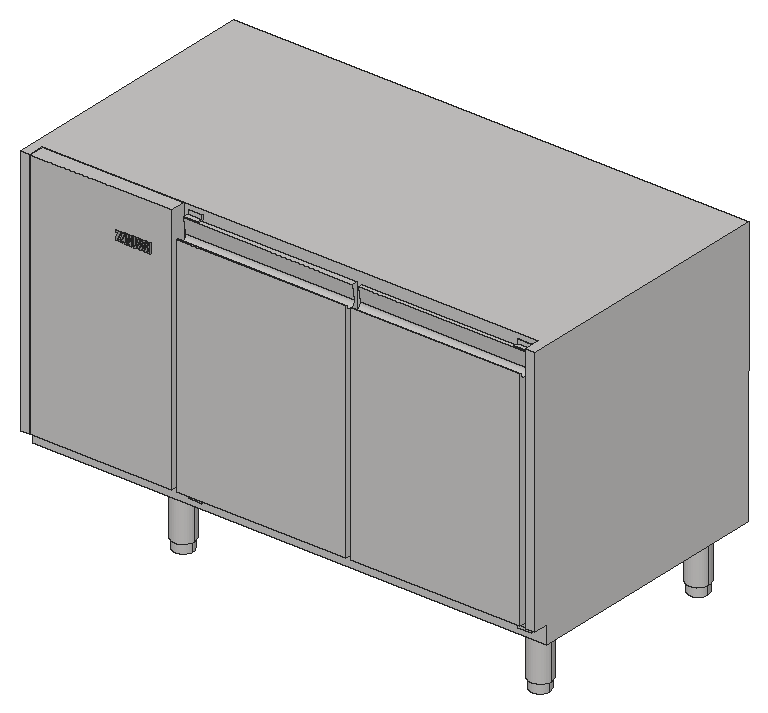
Revit family "QF_ZANUSSI_111020_ZH2H7AA", category Specialty Equipment, Revit 2018
Family settings
  Round Connector Dimension = Use Diameter
  Part Type = Normal
  Work Plane-Based = No
  Always vertical = Yes
  Cut with Voids When Loaded = No
  Shared = No
  Room Calculation Point = No
Parameters
  Weight = 0.00 kg
  Watts = 0.0232258 W
  Volts = 220 V
  URL Manufacturer = "http://www.zanussiprofessional.com/"
  URL = "http://www.zanussiprofessional.com/"
  Steam Supply Size = 0 mm
  Steam Supply Minimum Pressure = 0.0 Pa
  Steam Supply Maximum Pressure = 0.0 Pa
  Steam Pounds per Hour = 0
  Show Logo [instance] = yes
  Show Clearance [instance] = yes
  Refrigeration Suction Line Size = 0 mm
  Refrigeration Liquid Line Size = 0 mm
  Refrigerant Compressor Remote = yes
  Manufacturer = "Zanussi"
  Phase = 1
  Model = "ZH2H7AA"
  Length Actual = 1341 mm  # constant formula
  Item Number = "111020"
  Hot Water Size = 0 mm
  Height Actual = 850 mm  # constant formula
  HP = "0.3 HP"
  Gas Size = 0 mm
  Gas KW = 0
  Gas Input Pressure = 0 W
  Description = "2 DOORS REFRIGERATED TABLE 290L-NO TOP"
  Depth Actual = 700 mm  # constant formula
  Cycle = 50 Hz
  Condensate Return Size = 0 mm
  Compressed Air Volume = 0.0 L/s
  Compressed Air Size = 0 mm
  Compressed Air Pressure = 0.0 Pa
  Cold Water Size = 0 mm
  Accessory = yes
Reference planes
  plane 1 "Center X": y = 182.5
  plane 2: z = 0
  plane 3 "Center Y": x = -126.5
  plane 4: y = -62.5
  plane 5: y = 451.5
  plane 6 "BACK": y = 532.5
  plane 7 "FRONT": y = -167.5
  plane 8: x = -452
  plane 9: x = 478
  plane 10: z = 150
  plane 11 "TOP": z = 900
  plane 12: z = 850
  plane 13 "LEFT": x = -797
  plane 14 "RIGHT": x = 544
Forms (mm)
  Extrusion 1, solid, material "QF_Finishes_Stainless Steel"
    sketch origin (-126.5, 2, 0) x (0, 1, 0) y (0, 0, 1)
      loop
        line (530.5, 150) -> (530.5, 850) -> (-124.5, 850) -> (-124.5, 150) -> (530.5, 150)
    from -670.5 to 670.5
  Extrusion 2, solid, material "QF_Finishes_Stainless Steel"
    sketch origin (-1022.223, -1524, 150) x (-1, 0, 0) y (0, -1, 0)
      loop
        line (-225.223, -1361.5) -> (-250.223, -1361.5) -> (-250.223, -1401.5) -> (-225.223, -1401.5) -> (-225.223, -1361.5)
      loop
        line (-1566.223, -1401.5) -> (-1541.223, -1401.5) -> (-1541.223, -1361.5) -> (-1566.223, -1361.5) -> (-1566.223, -1401.5)
    from 47 to 700
  Extrusion 3, solid, material "QF_Finishes_Stainless Steel"
    sketch origin (0, 0, 900) x (-1, 0, 0) y (0, -1, 0)
      loop
        circle (-57, -94.5) r 8.45
    from -790.577 to -750
  Extrusion 4, solid, material "QF_Finishes_Stainless Steel"
    sketch origin (0, 0, 0) x (1, 0, 0) y (0, 1, 0)
      loop
        circle (-713, 451.5) r 4
    from 109.423 to 150
Cuts and joins
  joined: Extrusion 1, Extrusion 2
Lines and regions (mm)
  symbolic lines, style "SpecialityEquipmentHiddenLines"
    curve 1: line (-797, -122.5, 900) -> (544, -122.5, 900)
    curve 2: line (-396, -162.5, 900) -> (-396, -122.5, 900)
    curve 3: line (-797, 532.5, 900) -> (544, 532.5, 900)
    curve 4: line (-797, 532.5, 900) -> (-797, -162.5, 900)
    curve 5: line (-797, -162.5, 900) -> (544, -162.5, 900)
    curve 6: line (544, -162.5, 900) -> (544, 532.5, 900)
Dimensions and locks
  locked: plane 6 "BACK" to plane 7 "FRONT" at 700
  equal spacing: plane 6 "BACK", plane 1 "Center X", plane 7 "FRONT"
  locked: plane 6 "BACK" to plane 5 at 81
  plane 10 to level = 150 mm
  plane 11 "TOP" to plane 12 to plane 10 = 50 mm locked, 700 mm locked
  locked: Extrusion 2 sketch curve to Extrusion 2 sketch curve at 25  (x2)
  locked: plane 4 to plane 7 "FRONT" at 105
  locked: plane 6 "BACK" to Extrusion 3 sketch curve at 438
  equal spacing: plane 13 "LEFT", plane 3 "Center Y", plane 14 "RIGHT"
  plane 13 "LEFT" to plane 14 "RIGHT" = 1341 mm
  locked: plane 13 "LEFT" to plane 8 at 345
  locked: plane 9 to plane 14 "RIGHT" at 66
  locked: Extrusion 3 sketch curve to plane 14 "RIGHT" at 487
  plane 13 "LEFT" to Extrusion 4 sketch curve = 84 mm
  locked: plane 6 "BACK" to Extrusion 4 sketch curve at 81
  locked: plane 10 to Extrusion 4 at 40.577
  aligned and locked: level to plane 2
  aligned and locked: plane 10 to Extrusion 3
  aligned and locked: nested 4 to plane 4
  aligned and locked: nested 1 to plane 4
  aligned and locked: nested 3 to plane 5
  aligned and locked: nested 2 to plane 5
  aligned and locked: plane 8 to nested 1
  aligned and locked: plane 8 to nested 2
  aligned and locked: plane 9 to nested 4
  aligned and locked: plane 9 to nested 3
  aligned and locked: Extrusion 1 to Extrusion 2
  aligned and locked: Extrusion 2 to Extrusion 1
  aligned and locked: Extrusion 2 sketch curve to plane 14 "RIGHT"
  aligned and locked: plane 13 "LEFT" to Extrusion 2 sketch curve
  aligned and locked: cut or joined group of Extrusion 1, Extrusion 2 to plane 10
  aligned and locked: plane 12 to cut or joined group of Extrusion 1, Extrusion 2
  aligned and locked: plane 10 to Extrusion 4
Automatic sketch dimensions
  Extrusion 1 sketch curve to plane 10 = 0 mm
  Extrusion 1 sketch curve to plane 12 = 0 mm
  Extrusion 1 sketch curve to plane 6 "BACK" = 0 mm
  plane 7 "FRONT" to Extrusion 1 sketch curve = 45 mm
  plane 7 "FRONT" to Extrusion 2 sketch curve = 45 mm  (x2)
  plane 7 "FRONT" to Extrusion 2 sketch curve = 5 mm  (x2)
  curve 6 to plane 6 "BACK" = 0 mm
  curve 6 to plane 14 "RIGHT" = 0 mm
  curve 5 to plane 13 "LEFT" = 0 mm
  plane 7 "FRONT" to curve 5 = 5 mm
  plane 8 to curve 2 = 56 mm
  curve 1 to curve 4 = 40 mm
  radius of Extrusion 3 sketch curve = 8.45 mm
  radius of Extrusion 4 sketch curve = 4 mm
Nested families
  nested 1: "Foot_Ø50_H150" at (-452, -62.5, 0), type "Foot_Ø50_H150"
  nested 2: "Foot_Ø50_H150" at (-452, 451.5, 0), type "Foot_Ø50_H150"
  nested 3: "Foot_Ø50_H150" at (478, 451.5, 0), type "Foot_Ø50_H150"
  nested 4: "Foot_Ø50_H150" at (478, -62.5, 0), type "Foot_Ø50_H150"
  nested 5: "Door" at (285, -164.5, 0), Show Clearance <- "Show Clearance", type "Door"
  nested 6: "Door" at (-169, -164.5, 0) x (-1, 0, 0) z (0, 0, 1), Show Clearance <- "Show Clearance", type "Door"
  nested 7: "Refrigerator" at (544, -167.5, 900), type "Refrigerator"
  nested 8: "ZAN_Cooling Unit" at (-587.5, -164.5, 0), Show Logo <- "Show Logo", type "ZAN_Cooling Unit"
Connectors
  electrical at (-713, 451.5, 109.423), driven by "Volts"
    settings: on Extrusion 4, index 4, voltage 220 V, apparent load 0 VA, apparent load phase1 0 VA, apparent load phase2 0 VA, apparent load phase3 0 VA, power factor 1, load classification "Altro", number of poles 1, system type 30, power factor state 1, is connector primary yes, connector utility no, sub classification motor no, connector description "Electrical Connection"
  piping at (57, 94.5, 109.423), diameter 17
    settings: on Extrusion 3, index 5, connector inside diameter 609.6 mm, connector length 0 mm, flow factor 0, pipe flow 0.0 L/s, pressure drop 0.0 Pa, fitting loss kfactor 0, connector angle 0.00°, fixture units 0, engagement length 0 mm, angle of deflection 0.00°, flow configuration 1, flow direction 2, fitting loss method 0, system type 16, joint type 0, gender type 0, connector reference index -1, connector utility 0, adjustable connector no, is connector primary yes, connector description "Drain"
Definition of nested family "Foot_Ø50_H150"
  Reference planes
    plane 1 "Centro (Fronte/Retro)": y = 0
    plane 2: z = 0
    plane 3 "Centro (Sinistra/Destra)": x = 0
    plane 4: z = 150
  Forms (mm)
    Revolve 1, solid
      sketch origin (255.05, 0, 608.09) x (0, 0, 1) y (-1, 0, 0)
        loop
          line (-608.09, 255.05) -> (-608.09, 230.05) -> (-583.09, 230.05) -> (-583.09, 226.05) -> (-458.09, 226.05) -> (-458.09, 255.05) -> (-608.09, 255.05)
        axis (-608.09, 255.05) -> (-458.09, 255.05)
      angle from 0 to 360
  Dimensions and locks
    locked: Revolve 1 sketch curve to Revolve 1 sketch curve at 125
    aligned and locked: level to plane 2
    aligned and locked: plane 4 to Revolve 1 sketch curve
    aligned and locked: Revolve 1 sketch curve to level
    aligned and locked: plane 3 "Centro (Sinistra/Destra)" to Revolve 1 sketch curve
Definition of nested family "Door"
  Parameters
    Show Clearance [instance] = yes
  Reference planes
    plane 1 "FRONT": y = -3
    plane 2: z = 0
    plane 3 "Centro (Sinistra/Destra)": x = 0
    plane 4: z = 150
    plane 5: z = 850
    plane 6: x = -234
    plane 7: x = 234
    plane 8: x = -220
    plane 9: x = 220
  Forms (mm)
    Extrusion 1, solid
      sketch origin (0, 53, 511) x (0, 0, 1) y (0, -1, 0)
        loop
          line (-323.003, 28.5) -> (-316.501, 28.5) -> (-316.501, 31) -> (-325.503, 31) -> (-325.503, 13.5) -> (-345.503, 13.5) -> (-345.503, 11) -> (-323.003, 11) -> (-323.003, 23.259) -> (-323.003, 28.5)
        loop
          line (-314, 27) -> (-316.501, 27) -> (-316.501, 18.501) -> (-319.752, 18.501) -> (-319.752, 16) -> (-314, 16) -> (-314, 27)
        loop
          line (315.003, 27) -> (315.003, 13.948) -> (315.003, 11) -> (327.503, 11) -> (327.503, 13.5) -> (317.503, 13.5) -> (317.503, 27) -> (315.003, 27)
      from 185 to 220
    Extrusion 2, solid, visible <- "Show Clearance", detail levels coarse
      sketch origin (0, 53, 511) x (0, -1, 0) y (1, 0, 0)
        loop
          line (51, 220) -> (51, -220)
          arc (51, -220) -> (339.234, -79.44) -> (454, 220) r 437.168
          line (454, 220) -> (51, 220)
      from -314 to 314
    Extrusion 3, solid
      sketch origin (0, 55, 511) x (0, 0, 1) y (0, -1, 0)
        loop
          line (314, 18) -> (314, 29) -> (274.395, 22.5)
          arc (274.395, 22.5) -> (260.395, 36.5) -> (274.395, 50.5) r 14
          line (274.395, 50.5) -> (274.395, 53) -> (-314, 53) -> (-314, 18) -> (314, 18)
      from -220 to 220
  Lines and regions (mm)
    symbolic lines
      curve 1: line (220, -3, 0) -> (220, -401, 0)
      curve 2: line (220, -401, 0) -> (185, -401, 0)
      curve 3: line (185, -401, 0) -> (185, -3, 0)
      curve 4: arc (-219.722, -3, 0) -> (-89.51, -275.368, 0) -> (185, -401, 0) r 442.855
  Dimensions and locks
    aligned and locked: level to plane 2
Definition of nested family "ZAN_Cooling Unit"
  Parameters
    Show Logo [instance] = yes
  Reference planes
    plane 1 "FRONT": y = -3
    plane 2: z = 0
    plane 3 "Centro (Sinistra/Destra)": x = 0
    plane 4: z = 150
    plane 5: z = 850
    plane 6: x = -184.5
    plane 7: x = 184.5
  Forms (mm)
    Extrusion 1, solid
      sketch origin (0, 55, 511) x (0, 0, 1) y (0, -1, 0)
        loop
          line (-314, 53) -> (-314, 13) -> (339, 13) -> (339, 53) -> (-314, 53)
      from -184.5 to 184.5
  Lines and regions (mm)
    Split face 1
      outline origin (0, 2, 197) x (0, 0, 1) y (-1, 0, 0)
        loop
          line (566.835, 184.5) -> (566.835, -184.5)
        loop
          line (521.835, 184.5) -> (521.835, -184.5)
    Split face 2
      outline origin (0, 2, 197) x (0, 0, 1) y (-1, 0, 0)
        loop
          arc (510.649, 158.547) -> (506.648, 162.548) -> (502.647, 158.547) r 4.001
          line (502.647, 158.547) -> (502.647, 116.535)
          arc (502.647, 116.535) -> (506.648, 112.533) -> (510.649, 116.535) r 4.001
          line (510.649, 116.535) -> (510.649, 158.547)
    Split face 3
      outline origin (0, 2, 184.996) x (0, 0, 1) y (-1, 0, 0)
        loop
          arc (510.649, 158.547) -> (506.648, 162.548) -> (502.647, 158.547) r 4.001
          line (502.647, 158.547) -> (502.647, 116.535)
          arc (502.647, 116.535) -> (506.648, 112.533) -> (510.649, 116.535) r 4.001
          line (510.649, 116.535) -> (510.649, 158.547)
    Split face 4
      outline origin (0, 2, 172.993) x (0, 0, 1) y (-1, 0, 0)
        loop
          arc (510.649, 158.547) -> (506.648, 162.548) -> (502.647, 158.547) r 4.001
          line (502.647, 158.547) -> (502.647, 116.535)
          arc (502.647, 116.535) -> (506.648, 112.533) -> (510.649, 116.535) r 4.001
          line (510.649, 116.535) -> (510.649, 158.547)
    Split face 5
      outline origin (0, 2, 160.989) x (0, 0, 1) y (-1, 0, 0)
        loop
          arc (510.649, 158.547) -> (506.648, 162.548) -> (502.647, 158.547) r 4.001
          line (502.647, 158.547) -> (502.647, 116.535)
          arc (502.647, 116.535) -> (506.648, 112.533) -> (510.649, 116.535) r 4.001
          line (510.649, 116.535) -> (510.649, 158.547)
    Split face 6
      outline origin (0, 2, 148.986) x (0, 0, 1) y (-1, 0, 0)
        loop
          arc (510.649, 158.547) -> (506.648, 162.548) -> (502.647, 158.547) r 4.001
          line (502.647, 158.547) -> (502.647, 116.535)
          arc (502.647, 116.535) -> (506.648, 112.533) -> (510.649, 116.535) r 4.001
          line (510.649, 116.535) -> (510.649, 158.547)
    Split face 7
      outline origin (0, 2, 136.982) x (0, 0, 1) y (-1, 0, 0)
        loop
          arc (510.649, 158.547) -> (506.648, 162.548) -> (502.647, 158.547) r 4.001
          line (502.647, 158.547) -> (502.647, 116.535)
          arc (502.647, 116.535) -> (506.648, 112.533) -> (510.649, 116.535) r 4.001
          line (510.649, 116.535) -> (510.649, 158.547)
    Split face 8
      outline origin (0, 2, 124.979) x (0, 0, 1) y (-1, 0, 0)
        loop
          arc (510.649, 158.547) -> (506.648, 162.548) -> (502.647, 158.547) r 4.001
          line (502.647, 158.547) -> (502.647, 116.535)
          arc (502.647, 116.535) -> (506.648, 112.533) -> (510.649, 116.535) r 4.001
          line (510.649, 116.535) -> (510.649, 158.547)
    Split face 9
      outline origin (0, 2, 112.975) x (0, 0, 1) y (-1, 0, 0)
        loop
          arc (510.649, 158.547) -> (506.648, 162.548) -> (502.647, 158.547) r 4.001
          line (502.647, 158.547) -> (502.647, 116.535)
          arc (502.647, 116.535) -> (506.648, 112.533) -> (510.649, 116.535) r 4.001
          line (510.649, 116.535) -> (510.649, 158.547)
    Split face 10
      outline origin (0, 2, 100.972) x (0, 0, 1) y (-1, 0, 0)
        loop
          arc (510.649, 158.547) -> (506.648, 162.548) -> (502.647, 158.547) r 4.001
          line (502.647, 158.547) -> (502.647, 116.535)
          arc (502.647, 116.535) -> (506.648, 112.533) -> (510.649, 116.535) r 4.001
          line (510.649, 116.535) -> (510.649, 158.547)
    Split face 11
      outline origin (0, 2, 88.968) x (0, 0, 1) y (-1, 0, 0)
        loop
          arc (510.649, 158.547) -> (506.648, 162.548) -> (502.647, 158.547) r 4.001
          line (502.647, 158.547) -> (502.647, 116.535)
          arc (502.647, 116.535) -> (506.648, 112.533) -> (510.649, 116.535) r 4.001
          line (510.649, 116.535) -> (510.649, 158.547)
    Split face 12
      outline origin (0, 2, 76.965) x (0, 0, 1) y (-1, 0, 0)
        loop
          arc (510.649, 158.547) -> (506.648, 162.548) -> (502.647, 158.547) r 4.001
          line (502.647, 158.547) -> (502.647, 116.535)
          arc (502.647, 116.535) -> (506.648, 112.533) -> (510.649, 116.535) r 4.001
          line (510.649, 116.535) -> (510.649, 158.547)
    Split face 13
      outline origin (0, 2, 64.961) x (0, 0, 1) y (-1, 0, 0)
        loop
          arc (510.649, 158.547) -> (506.648, 162.548) -> (502.647, 158.547) r 4.001
          line (502.647, 158.547) -> (502.647, 116.535)
          arc (502.647, 116.535) -> (506.648, 112.533) -> (510.649, 116.535) r 4.001
          line (510.649, 116.535) -> (510.649, 158.547)
    Split face 14
      outline origin (0, 2, 52.958) x (0, 0, 1) y (-1, 0, 0)
        loop
          arc (510.649, 158.547) -> (506.648, 162.548) -> (502.647, 158.547) r 4.001
          line (502.647, 158.547) -> (502.647, 116.535)
          arc (502.647, 116.535) -> (506.648, 112.533) -> (510.649, 116.535) r 4.001
          line (510.649, 116.535) -> (510.649, 158.547)
    Split face 15
      outline origin (0, 2, 40.954) x (0, 0, 1) y (-1, 0, 0)
        loop
          arc (510.649, 158.547) -> (506.648, 162.548) -> (502.647, 158.547) r 4.001
          line (502.647, 158.547) -> (502.647, 116.535)
          arc (502.647, 116.535) -> (506.648, 112.533) -> (510.649, 116.535) r 4.001
          line (510.649, 116.535) -> (510.649, 158.547)
    Split face 16
      outline origin (0, 2, 28.951) x (0, 0, 1) y (-1, 0, 0)
        loop
          arc (510.649, 158.547) -> (506.648, 162.548) -> (502.647, 158.547) r 4.001
          line (502.647, 158.547) -> (502.647, 116.535)
          arc (502.647, 116.535) -> (506.648, 112.533) -> (510.649, 116.535) r 4.001
          line (510.649, 116.535) -> (510.649, 158.547)
    Split face 17
      outline origin (0, 2, 16.947) x (0, 0, 1) y (-1, 0, 0)
        loop
          arc (510.649, 158.547) -> (506.648, 162.548) -> (502.647, 158.547) r 4.001
          line (502.647, 158.547) -> (502.647, 116.535)
          arc (502.647, 116.535) -> (506.648, 112.533) -> (510.649, 116.535) r 4.001
          line (510.649, 116.535) -> (510.649, 158.547)
    Split face 18
      outline origin (55.016, 2, 197) x (0, 0, 1) y (-1, 0, 0)
        loop
          arc (510.649, 158.547) -> (506.648, 162.548) -> (502.647, 158.547) r 4.001
          line (502.647, 158.547) -> (502.647, 116.535)
          arc (502.647, 116.535) -> (506.648, 112.533) -> (510.649, 116.535) r 4.001
          line (510.649, 116.535) -> (510.649, 158.547)
    Split face 19
      outline origin (55.016, 2, 184.996) x (0, 0, 1) y (-1, 0, 0)
        loop
          arc (510.649, 158.547) -> (506.648, 162.548) -> (502.647, 158.547) r 4.001
          line (502.647, 158.547) -> (502.647, 116.535)
          arc (502.647, 116.535) -> (506.648, 112.533) -> (510.649, 116.535) r 4.001
          line (510.649, 116.535) -> (510.649, 158.547)
    Split face 20
      outline origin (55.016, 2, 172.993) x (0, 0, 1) y (-1, 0, 0)
        loop
          arc (510.649, 158.547) -> (506.648, 162.548) -> (502.647, 158.547) r 4.001
          line (502.647, 158.547) -> (502.647, 116.535)
          arc (502.647, 116.535) -> (506.648, 112.533) -> (510.649, 116.535) r 4.001
          line (510.649, 116.535) -> (510.649, 158.547)
    Split face 21
      outline origin (55.016, 2, 160.989) x (0, 0, 1) y (-1, 0, 0)
        loop
          arc (510.649, 158.547) -> (506.648, 162.548) -> (502.647, 158.547) r 4.001
          line (502.647, 158.547) -> (502.647, 116.535)
          arc (502.647, 116.535) -> (506.648, 112.533) -> (510.649, 116.535) r 4.001
          line (510.649, 116.535) -> (510.649, 158.547)
    Split face 22
      outline origin (55.016, 2, 148.986) x (0, 0, 1) y (-1, 0, 0)
        loop
          arc (510.649, 158.547) -> (506.648, 162.548) -> (502.647, 158.547) r 4.001
          line (502.647, 158.547) -> (502.647, 116.535)
          arc (502.647, 116.535) -> (506.648, 112.533) -> (510.649, 116.535) r 4.001
          line (510.649, 116.535) -> (510.649, 158.547)
    Split face 23
      outline origin (55.016, 2, 136.982) x (0, 0, 1) y (-1, 0, 0)
        loop
          arc (510.649, 158.547) -> (506.648, 162.548) -> (502.647, 158.547) r 4.001
          line (502.647, 158.547) -> (502.647, 116.535)
          arc (502.647, 116.535) -> (506.648, 112.533) -> (510.649, 116.535) r 4.001
          line (510.649, 116.535) -> (510.649, 158.547)
    Split face 24
      outline origin (55.016, 2, 124.979) x (0, 0, 1) y (-1, 0, 0)
        loop
          arc (510.649, 158.547) -> (506.648, 162.548) -> (502.647, 158.547) r 4.001
          line (502.647, 158.547) -> (502.647, 116.535)
          arc (502.647, 116.535) -> (506.648, 112.533) -> (510.649, 116.535) r 4.001
          line (510.649, 116.535) -> (510.649, 158.547)
    Split face 25
      outline origin (55.016, 2, 112.975) x (0, 0, 1) y (-1, 0, 0)
        loop
          arc (510.649, 158.547) -> (506.648, 162.548) -> (502.647, 158.547) r 4.001
          line (502.647, 158.547) -> (502.647, 116.535)
          arc (502.647, 116.535) -> (506.648, 112.533) -> (510.649, 116.535) r 4.001
          line (510.649, 116.535) -> (510.649, 158.547)
    Split face 26
      outline origin (55.016, 2, 100.972) x (0, 0, 1) y (-1, 0, 0)
        loop
          arc (510.649, 158.547) -> (506.648, 162.548) -> (502.647, 158.547) r 4.001
          line (502.647, 158.547) -> (502.647, 116.535)
          arc (502.647, 116.535) -> (506.648, 112.533) -> (510.649, 116.535) r 4.001
          line (510.649, 116.535) -> (510.649, 158.547)
    Split face 27
      outline origin (55.016, 2, 88.968) x (0, 0, 1) y (-1, 0, 0)
        loop
          arc (510.649, 158.547) -> (506.648, 162.548) -> (502.647, 158.547) r 4.001
          line (502.647, 158.547) -> (502.647, 116.535)
          arc (502.647, 116.535) -> (506.648, 112.533) -> (510.649, 116.535) r 4.001
          line (510.649, 116.535) -> (510.649, 158.547)
    Split face 28
      outline origin (55.016, 2, 76.965) x (0, 0, 1) y (-1, 0, 0)
        loop
          arc (510.649, 158.547) -> (506.648, 162.548) -> (502.647, 158.547) r 4.001
          line (502.647, 158.547) -> (502.647, 116.535)
          arc (502.647, 116.535) -> (506.648, 112.533) -> (510.649, 116.535) r 4.001
          line (510.649, 116.535) -> (510.649, 158.547)
    Split face 29
      outline origin (55.016, 2, 64.961) x (0, 0, 1) y (-1, 0, 0)
        loop
          arc (510.649, 158.547) -> (506.648, 162.548) -> (502.647, 158.547) r 4.001
          line (502.647, 158.547) -> (502.647, 116.535)
          arc (502.647, 116.535) -> (506.648, 112.533) -> (510.649, 116.535) r 4.001
          line (510.649, 116.535) -> (510.649, 158.547)
    Split face 30
      outline origin (55.016, 2, 52.958) x (0, 0, 1) y (-1, 0, 0)
        loop
          arc (510.649, 158.547) -> (506.648, 162.548) -> (502.647, 158.547) r 4.001
          line (502.647, 158.547) -> (502.647, 116.535)
          arc (502.647, 116.535) -> (506.648, 112.533) -> (510.649, 116.535) r 4.001
          line (510.649, 116.535) -> (510.649, 158.547)
    Split face 31
      outline origin (55.016, 2, 40.954) x (0, 0, 1) y (-1, 0, 0)
        loop
          arc (510.649, 158.547) -> (506.648, 162.548) -> (502.647, 158.547) r 4.001
          line (502.647, 158.547) -> (502.647, 116.535)
          arc (502.647, 116.535) -> (506.648, 112.533) -> (510.649, 116.535) r 4.001
          line (510.649, 116.535) -> (510.649, 158.547)
    Split face 32
      outline origin (55.016, 2, 28.951) x (0, 0, 1) y (-1, 0, 0)
        loop
          arc (510.649, 158.547) -> (506.648, 162.548) -> (502.647, 158.547) r 4.001
          line (502.647, 158.547) -> (502.647, 116.535)
          arc (502.647, 116.535) -> (506.648, 112.533) -> (510.649, 116.535) r 4.001
          line (510.649, 116.535) -> (510.649, 158.547)
    Split face 33
      outline origin (55.016, 2, 16.947) x (0, 0, 1) y (-1, 0, 0)
        loop
          arc (510.649, 158.547) -> (506.648, 162.548) -> (502.647, 158.547) r 4.001
          line (502.647, 158.547) -> (502.647, 116.535)
          arc (502.647, 116.535) -> (506.648, 112.533) -> (510.649, 116.535) r 4.001
          line (510.649, 116.535) -> (510.649, 158.547)
    Split face 34
      outline origin (110.032, 2, 197) x (0, 0, 1) y (-1, 0, 0)
        loop
          arc (510.649, 158.547) -> (506.648, 162.548) -> (502.647, 158.547) r 4.001
          line (502.647, 158.547) -> (502.647, 116.535)
          arc (502.647, 116.535) -> (506.648, 112.533) -> (510.649, 116.535) r 4.001
          line (510.649, 116.535) -> (510.649, 158.547)
    Split face 35
      outline origin (110.032, 2, 184.996) x (0, 0, 1) y (-1, 0, 0)
        loop
          arc (510.649, 158.547) -> (506.648, 162.548) -> (502.647, 158.547) r 4.001
          line (502.647, 158.547) -> (502.647, 116.535)
          arc (502.647, 116.535) -> (506.648, 112.533) -> (510.649, 116.535) r 4.001
          line (510.649, 116.535) -> (510.649, 158.547)
    Split face 36
      outline origin (110.032, 2, 172.993) x (0, 0, 1) y (-1, 0, 0)
        loop
          arc (510.649, 158.547) -> (506.648, 162.548) -> (502.647, 158.547) r 4.001
          line (502.647, 158.547) -> (502.647, 116.535)
          arc (502.647, 116.535) -> (506.648, 112.533) -> (510.649, 116.535) r 4.001
          line (510.649, 116.535) -> (510.649, 158.547)
    Split face 37
      outline origin (110.032, 2, 160.989) x (0, 0, 1) y (-1, 0, 0)
        loop
          arc (510.649, 158.547) -> (506.648, 162.548) -> (502.647, 158.547) r 4.001
          line (502.647, 158.547) -> (502.647, 116.535)
          arc (502.647, 116.535) -> (506.648, 112.533) -> (510.649, 116.535) r 4.001
          line (510.649, 116.535) -> (510.649, 158.547)
    Split face 38
      outline origin (110.032, 2, 148.986) x (0, 0, 1) y (-1, 0, 0)
        loop
          arc (510.649, 158.547) -> (506.648, 162.548) -> (502.647, 158.547) r 4.001
          line (502.647, 158.547) -> (502.647, 116.535)
          arc (502.647, 116.535) -> (506.648, 112.533) -> (510.649, 116.535) r 4.001
          line (510.649, 116.535) -> (510.649, 158.547)
    Split face 39
      outline origin (110.032, 2, 136.982) x (0, 0, 1) y (-1, 0, 0)
        loop
          arc (510.649, 158.547) -> (506.648, 162.548) -> (502.647, 158.547) r 4.001
          line (502.647, 158.547) -> (502.647, 116.535)
          arc (502.647, 116.535) -> (506.648, 112.533) -> (510.649, 116.535) r 4.001
          line (510.649, 116.535) -> (510.649, 158.547)
    Split face 40
      outline origin (110.032, 2, 124.979) x (0, 0, 1) y (-1, 0, 0)
        loop
          arc (510.649, 158.547) -> (506.648, 162.548) -> (502.647, 158.547) r 4.001
          line (502.647, 158.547) -> (502.647, 116.535)
          arc (502.647, 116.535) -> (506.648, 112.533) -> (510.649, 116.535) r 4.001
          line (510.649, 116.535) -> (510.649, 158.547)
    Split face 41
      outline origin (110.032, 2, 112.975) x (0, 0, 1) y (-1, 0, 0)
        loop
          arc (510.649, 158.547) -> (506.648, 162.548) -> (502.647, 158.547) r 4.001
          line (502.647, 158.547) -> (502.647, 116.535)
          arc (502.647, 116.535) -> (506.648, 112.533) -> (510.649, 116.535) r 4.001
          line (510.649, 116.535) -> (510.649, 158.547)
    Split face 42
      outline origin (110.032, 2, 100.972) x (0, 0, 1) y (-1, 0, 0)
        loop
          arc (510.649, 158.547) -> (506.648, 162.548) -> (502.647, 158.547) r 4.001
          line (502.647, 158.547) -> (502.647, 116.535)
          arc (502.647, 116.535) -> (506.648, 112.533) -> (510.649, 116.535) r 4.001
          line (510.649, 116.535) -> (510.649, 158.547)
    Split face 43
      outline origin (110.032, 2, 88.968) x (0, 0, 1) y (-1, 0, 0)
        loop
          arc (510.649, 158.547) -> (506.648, 162.548) -> (502.647, 158.547) r 4.001
          line (502.647, 158.547) -> (502.647, 116.535)
          arc (502.647, 116.535) -> (506.648, 112.533) -> (510.649, 116.535) r 4.001
          line (510.649, 116.535) -> (510.649, 158.547)
    Split face 44
      outline origin (110.032, 2, 76.965) x (0, 0, 1) y (-1, 0, 0)
        loop
          arc (510.649, 158.547) -> (506.648, 162.548) -> (502.647, 158.547) r 4.001
          line (502.647, 158.547) -> (502.647, 116.535)
          arc (502.647, 116.535) -> (506.648, 112.533) -> (510.649, 116.535) r 4.001
          line (510.649, 116.535) -> (510.649, 158.547)
    Split face 45
      outline origin (110.032, 2, 64.961) x (0, 0, 1) y (-1, 0, 0)
        loop
          arc (510.649, 158.547) -> (506.648, 162.548) -> (502.647, 158.547) r 4.001
          line (502.647, 158.547) -> (502.647, 116.535)
          arc (502.647, 116.535) -> (506.648, 112.533) -> (510.649, 116.535) r 4.001
          line (510.649, 116.535) -> (510.649, 158.547)
    Split face 46
      outline origin (110.032, 2, 52.958) x (0, 0, 1) y (-1, 0, 0)
        loop
          arc (510.649, 158.547) -> (506.648, 162.548) -> (502.647, 158.547) r 4.001
          line (502.647, 158.547) -> (502.647, 116.535)
          arc (502.647, 116.535) -> (506.648, 112.533) -> (510.649, 116.535) r 4.001
          line (510.649, 116.535) -> (510.649, 158.547)
    Split face 47
      outline origin (110.032, 2, 40.954) x (0, 0, 1) y (-1, 0, 0)
        loop
          arc (510.649, 158.547) -> (506.648, 162.548) -> (502.647, 158.547) r 4.001
          line (502.647, 158.547) -> (502.647, 116.535)
          arc (502.647, 116.535) -> (506.648, 112.533) -> (510.649, 116.535) r 4.001
          line (510.649, 116.535) -> (510.649, 158.547)
    Split face 48
      outline origin (110.032, 2, 28.951) x (0, 0, 1) y (-1, 0, 0)
        loop
          arc (510.649, 158.547) -> (506.648, 162.548) -> (502.647, 158.547) r 4.001
          line (502.647, 158.547) -> (502.647, 116.535)
          arc (502.647, 116.535) -> (506.648, 112.533) -> (510.649, 116.535) r 4.001
          line (510.649, 116.535) -> (510.649, 158.547)
    Split face 49
      outline origin (110.032, 2, 16.947) x (0, 0, 1) y (-1, 0, 0)
        loop
          arc (510.649, 158.547) -> (506.648, 162.548) -> (502.647, 158.547) r 4.001
          line (502.647, 158.547) -> (502.647, 116.535)
          arc (502.647, 116.535) -> (506.648, 112.533) -> (510.649, 116.535) r 4.001
          line (510.649, 116.535) -> (510.649, 158.547)
    Split face 50
      outline origin (165.048, 2, 197) x (0, 0, 1) y (-1, 0, 0)
        loop
          arc (510.649, 158.547) -> (506.648, 162.548) -> (502.647, 158.547) r 4.001
          line (502.647, 158.547) -> (502.647, 116.535)
          arc (502.647, 116.535) -> (506.648, 112.533) -> (510.649, 116.535) r 4.001
          line (510.649, 116.535) -> (510.649, 158.547)
    Split face 51
      outline origin (165.048, 2, 184.996) x (0, 0, 1) y (-1, 0, 0)
        loop
          arc (510.649, 158.547) -> (506.648, 162.548) -> (502.647, 158.547) r 4.001
          line (502.647, 158.547) -> (502.647, 116.535)
          arc (502.647, 116.535) -> (506.648, 112.533) -> (510.649, 116.535) r 4.001
          line (510.649, 116.535) -> (510.649, 158.547)
    Split face 52
      outline origin (165.048, 2, 172.993) x (0, 0, 1) y (-1, 0, 0)
        loop
          arc (510.649, 158.547) -> (506.648, 162.548) -> (502.647, 158.547) r 4.001
          line (502.647, 158.547) -> (502.647, 116.535)
          arc (502.647, 116.535) -> (506.648, 112.533) -> (510.649, 116.535) r 4.001
          line (510.649, 116.535) -> (510.649, 158.547)
    Split face 53
      outline origin (165.048, 2, 160.989) x (0, 0, 1) y (-1, 0, 0)
        loop
          arc (510.649, 158.547) -> (506.648, 162.548) -> (502.647, 158.547) r 4.001
          line (502.647, 158.547) -> (502.647, 116.535)
          arc (502.647, 116.535) -> (506.648, 112.533) -> (510.649, 116.535) r 4.001
          line (510.649, 116.535) -> (510.649, 158.547)
    Split face 54
      outline origin (165.048, 2, 148.986) x (0, 0, 1) y (-1, 0, 0)
        loop
          arc (510.649, 158.547) -> (506.648, 162.548) -> (502.647, 158.547) r 4.001
          line (502.647, 158.547) -> (502.647, 116.535)
          arc (502.647, 116.535) -> (506.648, 112.533) -> (510.649, 116.535) r 4.001
          line (510.649, 116.535) -> (510.649, 158.547)
    Split face 55
      outline origin (165.048, 2, 136.982) x (0, 0, 1) y (-1, 0, 0)
        loop
          arc (510.649, 158.547) -> (506.648, 162.548) -> (502.647, 158.547) r 4.001
          line (502.647, 158.547) -> (502.647, 116.535)
          arc (502.647, 116.535) -> (506.648, 112.533) -> (510.649, 116.535) r 4.001
          line (510.649, 116.535) -> (510.649, 158.547)
    Split face 56
      outline origin (165.048, 2, 124.979) x (0, 0, 1) y (-1, 0, 0)
        loop
          arc (510.649, 158.547) -> (506.648, 162.548) -> (502.647, 158.547) r 4.001
          line (502.647, 158.547) -> (502.647, 116.535)
          arc (502.647, 116.535) -> (506.648, 112.533) -> (510.649, 116.535) r 4.001
          line (510.649, 116.535) -> (510.649, 158.547)
    Split face 57
      outline origin (165.048, 2, 112.975) x (0, 0, 1) y (-1, 0, 0)
        loop
          arc (510.649, 158.547) -> (506.648, 162.548) -> (502.647, 158.547) r 4.001
          line (502.647, 158.547) -> (502.647, 116.535)
          arc (502.647, 116.535) -> (506.648, 112.533) -> (510.649, 116.535) r 4.001
          line (510.649, 116.535) -> (510.649, 158.547)
    Split face 58
      outline origin (165.048, 2, 100.972) x (0, 0, 1) y (-1, 0, 0)
        loop
          arc (510.649, 158.547) -> (506.648, 162.548) -> (502.647, 158.547) r 4.001
          line (502.647, 158.547) -> (502.647, 116.535)
          arc (502.647, 116.535) -> (506.648, 112.533) -> (510.649, 116.535) r 4.001
          line (510.649, 116.535) -> (510.649, 158.547)
    Split face 59
      outline origin (165.048, 2, 88.968) x (0, 0, 1) y (-1, 0, 0)
        loop
          arc (510.649, 158.547) -> (506.648, 162.548) -> (502.647, 158.547) r 4.001
          line (502.647, 158.547) -> (502.647, 116.535)
          arc (502.647, 116.535) -> (506.648, 112.533) -> (510.649, 116.535) r 4.001
          line (510.649, 116.535) -> (510.649, 158.547)
    Split face 60
      outline origin (165.048, 2, 76.965) x (0, 0, 1) y (-1, 0, 0)
        loop
          arc (510.649, 158.547) -> (506.648, 162.548) -> (502.647, 158.547) r 4.001
          line (502.647, 158.547) -> (502.647, 116.535)
          arc (502.647, 116.535) -> (506.648, 112.533) -> (510.649, 116.535) r 4.001
          line (510.649, 116.535) -> (510.649, 158.547)
    Split face 61
      outline origin (165.048, 2, 64.961) x (0, 0, 1) y (-1, 0, 0)
        loop
          arc (510.649, 158.547) -> (506.648, 162.548) -> (502.647, 158.547) r 4.001
          line (502.647, 158.547) -> (502.647, 116.535)
          arc (502.647, 116.535) -> (506.648, 112.533) -> (510.649, 116.535) r 4.001
          line (510.649, 116.535) -> (510.649, 158.547)
    Split face 62
      outline origin (165.048, 2, 52.958) x (0, 0, 1) y (-1, 0, 0)
        loop
          arc (510.649, 158.547) -> (506.648, 162.548) -> (502.647, 158.547) r 4.001
          line (502.647, 158.547) -> (502.647, 116.535)
          arc (502.647, 116.535) -> (506.648, 112.533) -> (510.649, 116.535) r 4.001
          line (510.649, 116.535) -> (510.649, 158.547)
    Split face 63
      outline origin (165.048, 2, 40.954) x (0, 0, 1) y (-1, 0, 0)
        loop
          arc (510.649, 158.547) -> (506.648, 162.548) -> (502.647, 158.547) r 4.001
          line (502.647, 158.547) -> (502.647, 116.535)
          arc (502.647, 116.535) -> (506.648, 112.533) -> (510.649, 116.535) r 4.001
          line (510.649, 116.535) -> (510.649, 158.547)
    Split face 64
      outline origin (165.048, 2, 28.951) x (0, 0, 1) y (-1, 0, 0)
        loop
          arc (510.649, 158.547) -> (506.648, 162.548) -> (502.647, 158.547) r 4.001
          line (502.647, 158.547) -> (502.647, 116.535)
          arc (502.647, 116.535) -> (506.648, 112.533) -> (510.649, 116.535) r 4.001
          line (510.649, 116.535) -> (510.649, 158.547)
    Split face 65
      outline origin (165.048, 2, 16.947) x (0, 0, 1) y (-1, 0, 0)
        loop
          arc (510.649, 158.547) -> (506.648, 162.548) -> (502.647, 158.547) r 4.001
          line (502.647, 158.547) -> (502.647, 116.535)
          arc (502.647, 116.535) -> (506.648, 112.533) -> (510.649, 116.535) r 4.001
          line (510.649, 116.535) -> (510.649, 158.547)
    Split face 66
      outline origin (220.064, 2, 197) x (0, 0, 1) y (-1, 0, 0)
        loop
          arc (510.649, 158.547) -> (506.648, 162.548) -> (502.647, 158.547) r 4.001
          line (502.647, 158.547) -> (502.647, 116.535)
          arc (502.647, 116.535) -> (506.648, 112.533) -> (510.649, 116.535) r 4.001
          line (510.649, 116.535) -> (510.649, 158.547)
    Split face 67
      outline origin (220.064, 2, 184.996) x (0, 0, 1) y (-1, 0, 0)
        loop
          arc (510.649, 158.547) -> (506.648, 162.548) -> (502.647, 158.547) r 4.001
          line (502.647, 158.547) -> (502.647, 116.535)
          arc (502.647, 116.535) -> (506.648, 112.533) -> (510.649, 116.535) r 4.001
          line (510.649, 116.535) -> (510.649, 158.547)
    Split face 68
      outline origin (220.064, 2, 172.993) x (0, 0, 1) y (-1, 0, 0)
        loop
          arc (510.649, 158.547) -> (506.648, 162.548) -> (502.647, 158.547) r 4.001
          line (502.647, 158.547) -> (502.647, 116.535)
          arc (502.647, 116.535) -> (506.648, 112.533) -> (510.649, 116.535) r 4.001
          line (510.649, 116.535) -> (510.649, 158.547)
    Split face 69
      outline origin (220.064, 2, 160.989) x (0, 0, 1) y (-1, 0, 0)
        loop
          arc (510.649, 158.547) -> (506.648, 162.548) -> (502.647, 158.547) r 4.001
          line (502.647, 158.547) -> (502.647, 116.535)
          arc (502.647, 116.535) -> (506.648, 112.533) -> (510.649, 116.535) r 4.001
          line (510.649, 116.535) -> (510.649, 158.547)
    Split face 70
      outline origin (220.064, 2, 148.986) x (0, 0, 1) y (-1, 0, 0)
        loop
          arc (510.649, 158.547) -> (506.648, 162.548) -> (502.647, 158.547) r 4.001
          line (502.647, 158.547) -> (502.647, 116.535)
          arc (502.647, 116.535) -> (506.648, 112.533) -> (510.649, 116.535) r 4.001
          line (510.649, 116.535) -> (510.649, 158.547)
    Split face 71
      outline origin (220.064, 2, 136.982) x (0, 0, 1) y (-1, 0, 0)
        loop
          arc (510.649, 158.547) -> (506.648, 162.548) -> (502.647, 158.547) r 4.001
          line (502.647, 158.547) -> (502.647, 116.535)
          arc (502.647, 116.535) -> (506.648, 112.533) -> (510.649, 116.535) r 4.001
          line (510.649, 116.535) -> (510.649, 158.547)
    Split face 72
      outline origin (220.064, 2, 124.979) x (0, 0, 1) y (-1, 0, 0)
        loop
          arc (510.649, 158.547) -> (506.648, 162.548) -> (502.647, 158.547) r 4.001
          line (502.647, 158.547) -> (502.647, 116.535)
          arc (502.647, 116.535) -> (506.648, 112.533) -> (510.649, 116.535) r 4.001
          line (510.649, 116.535) -> (510.649, 158.547)
    Split face 73
      outline origin (220.064, 2, 112.975) x (0, 0, 1) y (-1, 0, 0)
        loop
          arc (510.649, 158.547) -> (506.648, 162.548) -> (502.647, 158.547) r 4.001
          line (502.647, 158.547) -> (502.647, 116.535)
          arc (502.647, 116.535) -> (506.648, 112.533) -> (510.649, 116.535) r 4.001
          line (510.649, 116.535) -> (510.649, 158.547)
    Split face 74
      outline origin (220.064, 2, 100.972) x (0, 0, 1) y (-1, 0, 0)
        loop
          arc (510.649, 158.547) -> (506.648, 162.548) -> (502.647, 158.547) r 4.001
          line (502.647, 158.547) -> (502.647, 116.535)
          arc (502.647, 116.535) -> (506.648, 112.533) -> (510.649, 116.535) r 4.001
          line (510.649, 116.535) -> (510.649, 158.547)
    Split face 75
      outline origin (220.064, 2, 88.968) x (0, 0, 1) y (-1, 0, 0)
        loop
          arc (510.649, 158.547) -> (506.648, 162.548) -> (502.647, 158.547) r 4.001
          line (502.647, 158.547) -> (502.647, 116.535)
          arc (502.647, 116.535) -> (506.648, 112.533) -> (510.649, 116.535) r 4.001
          line (510.649, 116.535) -> (510.649, 158.547)
    Split face 76
      outline origin (220.064, 2, 76.965) x (0, 0, 1) y (-1, 0, 0)
        loop
          arc (510.649, 158.547) -> (506.648, 162.548) -> (502.647, 158.547) r 4.001
          line (502.647, 158.547) -> (502.647, 116.535)
          arc (502.647, 116.535) -> (506.648, 112.533) -> (510.649, 116.535) r 4.001
          line (510.649, 116.535) -> (510.649, 158.547)
    Split face 77
      outline origin (220.064, 2, 64.961) x (0, 0, 1) y (-1, 0, 0)
        loop
          arc (510.649, 158.547) -> (506.648, 162.548) -> (502.647, 158.547) r 4.001
          line (502.647, 158.547) -> (502.647, 116.535)
          arc (502.647, 116.535) -> (506.648, 112.533) -> (510.649, 116.535) r 4.001
          line (510.649, 116.535) -> (510.649, 158.547)
    Split face 78
      outline origin (220.064, 2, 52.958) x (0, 0, 1) y (-1, 0, 0)
        loop
          arc (510.649, 158.547) -> (506.648, 162.548) -> (502.647, 158.547) r 4.001
          line (502.647, 158.547) -> (502.647, 116.535)
          arc (502.647, 116.535) -> (506.648, 112.533) -> (510.649, 116.535) r 4.001
          line (510.649, 116.535) -> (510.649, 158.547)
    Split face 79
      outline origin (220.064, 2, 40.954) x (0, 0, 1) y (-1, 0, 0)
        loop
          arc (510.649, 158.547) -> (506.648, 162.548) -> (502.647, 158.547) r 4.001
          line (502.647, 158.547) -> (502.647, 116.535)
          arc (502.647, 116.535) -> (506.648, 112.533) -> (510.649, 116.535) r 4.001
          line (510.649, 116.535) -> (510.649, 158.547)
    Split face 80
      outline origin (220.064, 2, 28.951) x (0, 0, 1) y (-1, 0, 0)
        loop
          arc (510.649, 158.547) -> (506.648, 162.548) -> (502.647, 158.547) r 4.001
          line (502.647, 158.547) -> (502.647, 116.535)
          arc (502.647, 116.535) -> (506.648, 112.533) -> (510.649, 116.535) r 4.001
          line (510.649, 116.535) -> (510.649, 158.547)
    Split face 81
      outline origin (220.064, 2, 16.947) x (0, 0, 1) y (-1, 0, 0)
        loop
          arc (510.649, 158.547) -> (506.648, 162.548) -> (502.647, 158.547) r 4.001
          line (502.647, 158.547) -> (502.647, 116.535)
          arc (502.647, 116.535) -> (506.648, 112.533) -> (510.649, 116.535) r 4.001
          line (510.649, 116.535) -> (510.649, 158.547)
    Split face 82
      outline origin (275.081, 2, 197) x (0, 0, 1) y (-1, 0, 0)
        loop
          arc (510.649, 158.547) -> (506.648, 162.548) -> (502.647, 158.547) r 4.001
          line (502.647, 158.547) -> (502.647, 116.535)
          arc (502.647, 116.535) -> (506.648, 112.533) -> (510.649, 116.535) r 4.001
          line (510.649, 116.535) -> (510.649, 158.547)
    Split face 83
      outline origin (275.081, 2, 184.996) x (0, 0, 1) y (-1, 0, 0)
        loop
          arc (510.649, 158.547) -> (506.648, 162.548) -> (502.647, 158.547) r 4.001
          line (502.647, 158.547) -> (502.647, 116.535)
          arc (502.647, 116.535) -> (506.648, 112.533) -> (510.649, 116.535) r 4.001
          line (510.649, 116.535) -> (510.649, 158.547)
    Split face 84
      outline origin (275.081, 2, 172.993) x (0, 0, 1) y (-1, 0, 0)
        loop
          arc (510.649, 158.547) -> (506.648, 162.548) -> (502.647, 158.547) r 4.001
          line (502.647, 158.547) -> (502.647, 116.535)
          arc (502.647, 116.535) -> (506.648, 112.533) -> (510.649, 116.535) r 4.001
          line (510.649, 116.535) -> (510.649, 158.547)
    Split face 85
      outline origin (275.081, 2, 160.989) x (0, 0, 1) y (-1, 0, 0)
        loop
          arc (510.649, 158.547) -> (506.648, 162.548) -> (502.647, 158.547) r 4.001
          line (502.647, 158.547) -> (502.647, 116.535)
          arc (502.647, 116.535) -> (506.648, 112.533) -> (510.649, 116.535) r 4.001
          line (510.649, 116.535) -> (510.649, 158.547)
    Split face 86
      outline origin (275.081, 2, 148.986) x (0, 0, 1) y (-1, 0, 0)
        loop
          arc (510.649, 158.547) -> (506.648, 162.548) -> (502.647, 158.547) r 4.001
          line (502.647, 158.547) -> (502.647, 116.535)
          arc (502.647, 116.535) -> (506.648, 112.533) -> (510.649, 116.535) r 4.001
          line (510.649, 116.535) -> (510.649, 158.547)
    Split face 87
      outline origin (275.081, 2, 136.982) x (0, 0, 1) y (-1, 0, 0)
        loop
          arc (510.649, 158.547) -> (506.648, 162.548) -> (502.647, 158.547) r 4.001
          line (502.647, 158.547) -> (502.647, 116.535)
          arc (502.647, 116.535) -> (506.648, 112.533) -> (510.649, 116.535) r 4.001
          line (510.649, 116.535) -> (510.649, 158.547)
    Split face 88
      outline origin (275.081, 2, 124.979) x (0, 0, 1) y (-1, 0, 0)
        loop
          arc (510.649, 158.547) -> (506.648, 162.548) -> (502.647, 158.547) r 4.001
          line (502.647, 158.547) -> (502.647, 116.535)
          arc (502.647, 116.535) -> (506.648, 112.533) -> (510.649, 116.535) r 4.001
          line (510.649, 116.535) -> (510.649, 158.547)
    Split face 89
      outline origin (275.081, 2, 112.975) x (0, 0, 1) y (-1, 0, 0)
        loop
          arc (510.649, 158.547) -> (506.648, 162.548) -> (502.647, 158.547) r 4.001
          line (502.647, 158.547) -> (502.647, 116.535)
          arc (502.647, 116.535) -> (506.648, 112.533) -> (510.649, 116.535) r 4.001
          line (510.649, 116.535) -> (510.649, 158.547)
    Split face 90
      outline origin (275.081, 2, 100.972) x (0, 0, 1) y (-1, 0, 0)
        loop
          arc (510.649, 158.547) -> (506.648, 162.548) -> (502.647, 158.547) r 4.001
          line (502.647, 158.547) -> (502.647, 116.535)
          arc (502.647, 116.535) -> (506.648, 112.533) -> (510.649, 116.535) r 4.001
          line (510.649, 116.535) -> (510.649, 158.547)
    Split face 91
      outline origin (275.081, 2, 88.968) x (0, 0, 1) y (-1, 0, 0)
        loop
          arc (510.649, 158.547) -> (506.648, 162.548) -> (502.647, 158.547) r 4.001
          line (502.647, 158.547) -> (502.647, 116.535)
          arc (502.647, 116.535) -> (506.648, 112.533) -> (510.649, 116.535) r 4.001
          line (510.649, 116.535) -> (510.649, 158.547)
    Split face 92
      outline origin (275.081, 2, 76.965) x (0, 0, 1) y (-1, 0, 0)
        loop
          arc (510.649, 158.547) -> (506.648, 162.548) -> (502.647, 158.547) r 4.001
          line (502.647, 158.547) -> (502.647, 116.535)
          arc (502.647, 116.535) -> (506.648, 112.533) -> (510.649, 116.535) r 4.001
          line (510.649, 116.535) -> (510.649, 158.547)
    Split face 93
      outline origin (275.081, 2, 64.961) x (0, 0, 1) y (-1, 0, 0)
        loop
          arc (510.649, 158.547) -> (506.648, 162.548) -> (502.647, 158.547) r 4.001
          line (502.647, 158.547) -> (502.647, 116.535)
          arc (502.647, 116.535) -> (506.648, 112.533) -> (510.649, 116.535) r 4.001
          line (510.649, 116.535) -> (510.649, 158.547)
    Split face 94
      outline origin (275.081, 2, 52.958) x (0, 0, 1) y (-1, 0, 0)
        loop
          arc (510.649, 158.547) -> (506.648, 162.548) -> (502.647, 158.547) r 4.001
          line (502.647, 158.547) -> (502.647, 116.535)
          arc (502.647, 116.535) -> (506.648, 112.533) -> (510.649, 116.535) r 4.001
          line (510.649, 116.535) -> (510.649, 158.547)
    Split face 95
      outline origin (275.081, 2, 40.954) x (0, 0, 1) y (-1, 0, 0)
        loop
          arc (510.649, 158.547) -> (506.648, 162.548) -> (502.647, 158.547) r 4.001
          line (502.647, 158.547) -> (502.647, 116.535)
          arc (502.647, 116.535) -> (506.648, 112.533) -> (510.649, 116.535) r 4.001
          line (510.649, 116.535) -> (510.649, 158.547)
    Split face 96
      outline origin (275.081, 2, 28.951) x (0, 0, 1) y (-1, 0, 0)
        loop
          arc (510.649, 158.547) -> (506.648, 162.548) -> (502.647, 158.547) r 4.001
          line (502.647, 158.547) -> (502.647, 116.535)
          arc (502.647, 116.535) -> (506.648, 112.533) -> (510.649, 116.535) r 4.001
          line (510.649, 116.535) -> (510.649, 158.547)
    Split face 97
      outline origin (275.081, 2, 16.947) x (0, 0, 1) y (-1, 0, 0)
        loop
          arc (510.649, 158.547) -> (506.648, 162.548) -> (502.647, 158.547) r 4.001
          line (502.647, 158.547) -> (502.647, 116.535)
          arc (502.647, 116.535) -> (506.648, 112.533) -> (510.649, 116.535) r 4.001
          line (510.649, 116.535) -> (510.649, 158.547)
    Split face 98
      outline origin (0, 2, -113.091) x (0, 0, 1) y (-1, 0, 0)
        loop
          arc (510.649, 158.547) -> (506.648, 162.548) -> (502.647, 158.547) r 4.001
          line (502.647, 158.547) -> (502.647, 116.535)
          arc (502.647, 116.535) -> (506.648, 112.533) -> (510.649, 116.535) r 4.001
          line (510.649, 116.535) -> (510.649, 158.547)
    Split face 99
      outline origin (0, 2, -125.094) x (0, 0, 1) y (-1, 0, 0)
        loop
          arc (510.649, 158.547) -> (506.648, 162.548) -> (502.647, 158.547) r 4.001
          line (502.647, 158.547) -> (502.647, 116.535)
          arc (502.647, 116.535) -> (506.648, 112.533) -> (510.649, 116.535) r 4.001
          line (510.649, 116.535) -> (510.649, 158.547)
    Split face 100
      outline origin (0, 2, -137.098) x (0, 0, 1) y (-1, 0, 0)
        loop
          arc (510.649, 158.547) -> (506.648, 162.548) -> (502.647, 158.547) r 4.001
          line (502.647, 158.547) -> (502.647, 116.535)
          arc (502.647, 116.535) -> (506.648, 112.533) -> (510.649, 116.535) r 4.001
          line (510.649, 116.535) -> (510.649, 158.547)
    Split face 101
      outline origin (0, 2, -149.101) x (0, 0, 1) y (-1, 0, 0)
        loop
          arc (510.649, 158.547) -> (506.648, 162.548) -> (502.647, 158.547) r 4.001
          line (502.647, 158.547) -> (502.647, 116.535)
          arc (502.647, 116.535) -> (506.648, 112.533) -> (510.649, 116.535) r 4.001
          line (510.649, 116.535) -> (510.649, 158.547)
    Split face 102
      outline origin (0, 2, -161.105) x (0, 0, 1) y (-1, 0, 0)
        loop
          arc (510.649, 158.547) -> (506.648, 162.548) -> (502.647, 158.547) r 4.001
          line (502.647, 158.547) -> (502.647, 116.535)
          arc (502.647, 116.535) -> (506.648, 112.533) -> (510.649, 116.535) r 4.001
          line (510.649, 116.535) -> (510.649, 158.547)
    Split face 103
      outline origin (0, 2, -173.108) x (0, 0, 1) y (-1, 0, 0)
        loop
          arc (510.649, 158.547) -> (506.648, 162.548) -> (502.647, 158.547) r 4.001
          line (502.647, 158.547) -> (502.647, 116.535)
          arc (502.647, 116.535) -> (506.648, 112.533) -> (510.649, 116.535) r 4.001
          line (510.649, 116.535) -> (510.649, 158.547)
    Split face 104
      outline origin (0, 2, -185.112) x (0, 0, 1) y (-1, 0, 0)
        loop
          arc (510.649, 158.547) -> (506.648, 162.548) -> (502.647, 158.547) r 4.001
          line (502.647, 158.547) -> (502.647, 116.535)
          arc (502.647, 116.535) -> (506.648, 112.533) -> (510.649, 116.535) r 4.001
          line (510.649, 116.535) -> (510.649, 158.547)
    Split face 105
      outline origin (0, 2, -197.115) x (0, 0, 1) y (-1, 0, 0)
        loop
          arc (510.649, 158.547) -> (506.648, 162.548) -> (502.647, 158.547) r 4.001
          line (502.647, 158.547) -> (502.647, 116.535)
          arc (502.647, 116.535) -> (506.648, 112.533) -> (510.649, 116.535) r 4.001
          line (510.649, 116.535) -> (510.649, 158.547)
    Split face 106
      outline origin (0, 2, -209.119) x (0, 0, 1) y (-1, 0, 0)
        loop
          arc (510.649, 158.547) -> (506.648, 162.548) -> (502.647, 158.547) r 4.001
          line (502.647, 158.547) -> (502.647, 116.535)
          arc (502.647, 116.535) -> (506.648, 112.533) -> (510.649, 116.535) r 4.001
          line (510.649, 116.535) -> (510.649, 158.547)
    Split face 107
      outline origin (0, 2, -221.122) x (0, 0, 1) y (-1, 0, 0)
        loop
          arc (510.649, 158.547) -> (506.648, 162.548) -> (502.647, 158.547) r 4.001
          line (502.647, 158.547) -> (502.647, 116.535)
          arc (502.647, 116.535) -> (506.648, 112.533) -> (510.649, 116.535) r 4.001
          line (510.649, 116.535) -> (510.649, 158.547)
    Split face 108
      outline origin (0, 2, -233.126) x (0, 0, 1) y (-1, 0, 0)
        loop
          arc (510.649, 158.547) -> (506.648, 162.548) -> (502.647, 158.547) r 4.001
          line (502.647, 158.547) -> (502.647, 116.535)
          arc (502.647, 116.535) -> (506.648, 112.533) -> (510.649, 116.535) r 4.001
          line (510.649, 116.535) -> (510.649, 158.547)
    Split face 109
      outline origin (0, 2, -245.129) x (0, 0, 1) y (-1, 0, 0)
        loop
          arc (510.649, 158.547) -> (506.648, 162.548) -> (502.647, 158.547) r 4.001
          line (502.647, 158.547) -> (502.647, 116.535)
          arc (502.647, 116.535) -> (506.648, 112.533) -> (510.649, 116.535) r 4.001
          line (510.649, 116.535) -> (510.649, 158.547)
    Split face 110
      outline origin (0, 2, -257.133) x (0, 0, 1) y (-1, 0, 0)
        loop
          arc (510.649, 158.547) -> (506.648, 162.548) -> (502.647, 158.547) r 4.001
          line (502.647, 158.547) -> (502.647, 116.535)
          arc (502.647, 116.535) -> (506.648, 112.533) -> (510.649, 116.535) r 4.001
          line (510.649, 116.535) -> (510.649, 158.547)
    Split face 111
      outline origin (0, 2, -269.136) x (0, 0, 1) y (-1, 0, 0)
        loop
          arc (510.649, 158.547) -> (506.648, 162.548) -> (502.647, 158.547) r 4.001
          line (502.647, 158.547) -> (502.647, 116.535)
          arc (502.647, 116.535) -> (506.648, 112.533) -> (510.649, 116.535) r 4.001
          line (510.649, 116.535) -> (510.649, 158.547)
    Split face 112
      outline origin (0, 2, -281.14) x (0, 0, 1) y (-1, 0, 0)
        loop
          arc (510.649, 158.547) -> (506.648, 162.548) -> (502.647, 158.547) r 4.001
          line (502.647, 158.547) -> (502.647, 116.535)
          arc (502.647, 116.535) -> (506.648, 112.533) -> (510.649, 116.535) r 4.001
          line (510.649, 116.535) -> (510.649, 158.547)
    Split face 113
      outline origin (0, 2, -293.144) x (0, 0, 1) y (-1, 0, 0)
        loop
          arc (510.649, 158.547) -> (506.648, 162.548) -> (502.647, 158.547) r 4.001
          line (502.647, 158.547) -> (502.647, 116.535)
          arc (502.647, 116.535) -> (506.648, 112.533) -> (510.649, 116.535) r 4.001
          line (510.649, 116.535) -> (510.649, 158.547)
    Split face 114
      outline origin (55.016, 2, -113.091) x (0, 0, 1) y (-1, 0, 0)
        loop
          arc (510.649, 158.547) -> (506.648, 162.548) -> (502.647, 158.547) r 4.001
          line (502.647, 158.547) -> (502.647, 116.535)
          arc (502.647, 116.535) -> (506.648, 112.533) -> (510.649, 116.535) r 4.001
          line (510.649, 116.535) -> (510.649, 158.547)
    Split face 115
      outline origin (55.016, 2, -125.094) x (0, 0, 1) y (-1, 0, 0)
        loop
          arc (510.649, 158.547) -> (506.648, 162.548) -> (502.647, 158.547) r 4.001
          line (502.647, 158.547) -> (502.647, 116.535)
          arc (502.647, 116.535) -> (506.648, 112.533) -> (510.649, 116.535) r 4.001
          line (510.649, 116.535) -> (510.649, 158.547)
    Split face 116
      outline origin (55.016, 2, -137.098) x (0, 0, 1) y (-1, 0, 0)
        loop
          arc (510.649, 158.547) -> (506.648, 162.548) -> (502.647, 158.547) r 4.001
          line (502.647, 158.547) -> (502.647, 116.535)
          arc (502.647, 116.535) -> (506.648, 112.533) -> (510.649, 116.535) r 4.001
          line (510.649, 116.535) -> (510.649, 158.547)
    Split face 117
      outline origin (55.016, 2, -149.101) x (0, 0, 1) y (-1, 0, 0)
        loop
          arc (510.649, 158.547) -> (506.648, 162.548) -> (502.647, 158.547) r 4.001
          line (502.647, 158.547) -> (502.647, 116.535)
          arc (502.647, 116.535) -> (506.648, 112.533) -> (510.649, 116.535) r 4.001
          line (510.649, 116.535) -> (510.649, 158.547)
    Split face 118
      outline origin (55.016, 2, -161.105) x (0, 0, 1) y (-1, 0, 0)
        loop
          arc (510.649, 158.547) -> (506.648, 162.548) -> (502.647, 158.547) r 4.001
          line (502.647, 158.547) -> (502.647, 116.535)
          arc (502.647, 116.535) -> (506.648, 112.533) -> (510.649, 116.535) r 4.001
          line (510.649, 116.535) -> (510.649, 158.547)
    Split face 119
      outline origin (55.016, 2, -173.108) x (0, 0, 1) y (-1, 0, 0)
        loop
          arc (510.649, 158.547) -> (506.648, 162.548) -> (502.647, 158.547) r 4.001
          line (502.647, 158.547) -> (502.647, 116.535)
          arc (502.647, 116.535) -> (506.648, 112.533) -> (510.649, 116.535) r 4.001
          line (510.649, 116.535) -> (510.649, 158.547)
    Split face 120
      outline origin (55.016, 2, -185.112) x (0, 0, 1) y (-1, 0, 0)
        loop
          arc (510.649, 158.547) -> (506.648, 162.548) -> (502.647, 158.547) r 4.001
          line (502.647, 158.547) -> (502.647, 116.535)
          arc (502.647, 116.535) -> (506.648, 112.533) -> (510.649, 116.535) r 4.001
          line (510.649, 116.535) -> (510.649, 158.547)
    Split face 121
      outline origin (55.016, 2, -197.115) x (0, 0, 1) y (-1, 0, 0)
        loop
          arc (510.649, 158.547) -> (506.648, 162.548) -> (502.647, 158.547) r 4.001
          line (502.647, 158.547) -> (502.647, 116.535)
          arc (502.647, 116.535) -> (506.648, 112.533) -> (510.649, 116.535) r 4.001
          line (510.649, 116.535) -> (510.649, 158.547)
    Split face 122
      outline origin (55.016, 2, -209.119) x (0, 0, 1) y (-1, 0, 0)
        loop
          arc (510.649, 158.547) -> (506.648, 162.548) -> (502.647, 158.547) r 4.001
          line (502.647, 158.547) -> (502.647, 116.535)
          arc (502.647, 116.535) -> (506.648, 112.533) -> (510.649, 116.535) r 4.001
          line (510.649, 116.535) -> (510.649, 158.547)
    Split face 123
      outline origin (55.016, 2, -221.122) x (0, 0, 1) y (-1, 0, 0)
        loop
          arc (510.649, 158.547) -> (506.648, 162.548) -> (502.647, 158.547) r 4.001
          line (502.647, 158.547) -> (502.647, 116.535)
          arc (502.647, 116.535) -> (506.648, 112.533) -> (510.649, 116.535) r 4.001
          line (510.649, 116.535) -> (510.649, 158.547)
    Split face 124
      outline origin (55.016, 2, -233.126) x (0, 0, 1) y (-1, 0, 0)
        loop
          arc (510.649, 158.547) -> (506.648, 162.548) -> (502.647, 158.547) r 4.001
          line (502.647, 158.547) -> (502.647, 116.535)
          arc (502.647, 116.535) -> (506.648, 112.533) -> (510.649, 116.535) r 4.001
          line (510.649, 116.535) -> (510.649, 158.547)
    Split face 125
      outline origin (55.016, 2, -245.129) x (0, 0, 1) y (-1, 0, 0)
        loop
          arc (510.649, 158.547) -> (506.648, 162.548) -> (502.647, 158.547) r 4.001
          line (502.647, 158.547) -> (502.647, 116.535)
          arc (502.647, 116.535) -> (506.648, 112.533) -> (510.649, 116.535) r 4.001
          line (510.649, 116.535) -> (510.649, 158.547)
    Split face 126
      outline origin (55.016, 2, -257.133) x (0, 0, 1) y (-1, 0, 0)
        loop
          arc (510.649, 158.547) -> (506.648, 162.548) -> (502.647, 158.547) r 4.001
          line (502.647, 158.547) -> (502.647, 116.535)
          arc (502.647, 116.535) -> (506.648, 112.533) -> (510.649, 116.535) r 4.001
          line (510.649, 116.535) -> (510.649, 158.547)
    Split face 127
      outline origin (55.016, 2, -269.136) x (0, 0, 1) y (-1, 0, 0)
        loop
          arc (510.649, 158.547) -> (506.648, 162.548) -> (502.647, 158.547) r 4.001
          line (502.647, 158.547) -> (502.647, 116.535)
          arc (502.647, 116.535) -> (506.648, 112.533) -> (510.649, 116.535) r 4.001
          line (510.649, 116.535) -> (510.649, 158.547)
    Split face 128
      outline origin (55.016, 2, -281.14) x (0, 0, 1) y (-1, 0, 0)
        loop
          arc (510.649, 158.547) -> (506.648, 162.548) -> (502.647, 158.547) r 4.001
          line (502.647, 158.547) -> (502.647, 116.535)
          arc (502.647, 116.535) -> (506.648, 112.533) -> (510.649, 116.535) r 4.001
          line (510.649, 116.535) -> (510.649, 158.547)
    Split face 129
      outline origin (55.016, 2, -293.144) x (0, 0, 1) y (-1, 0, 0)
        loop
          arc (510.649, 158.547) -> (506.648, 162.548) -> (502.647, 158.547) r 4.001
          line (502.647, 158.547) -> (502.647, 116.535)
          arc (502.647, 116.535) -> (506.648, 112.533) -> (510.649, 116.535) r 4.001
          line (510.649, 116.535) -> (510.649, 158.547)
    Split face 130
      outline origin (110.032, 2, -113.091) x (0, 0, 1) y (-1, 0, 0)
        loop
          arc (510.649, 158.547) -> (506.648, 162.548) -> (502.647, 158.547) r 4.001
          line (502.647, 158.547) -> (502.647, 116.535)
          arc (502.647, 116.535) -> (506.648, 112.533) -> (510.649, 116.535) r 4.001
          line (510.649, 116.535) -> (510.649, 158.547)
    Split face 131
      outline origin (110.032, 2, -125.094) x (0, 0, 1) y (-1, 0, 0)
        loop
          arc (510.649, 158.547) -> (506.648, 162.548) -> (502.647, 158.547) r 4.001
          line (502.647, 158.547) -> (502.647, 116.535)
          arc (502.647, 116.535) -> (506.648, 112.533) -> (510.649, 116.535) r 4.001
          line (510.649, 116.535) -> (510.649, 158.547)
    Split face 132
      outline origin (110.032, 2, -137.098) x (0, 0, 1) y (-1, 0, 0)
        loop
          arc (510.649, 158.547) -> (506.648, 162.548) -> (502.647, 158.547) r 4.001
